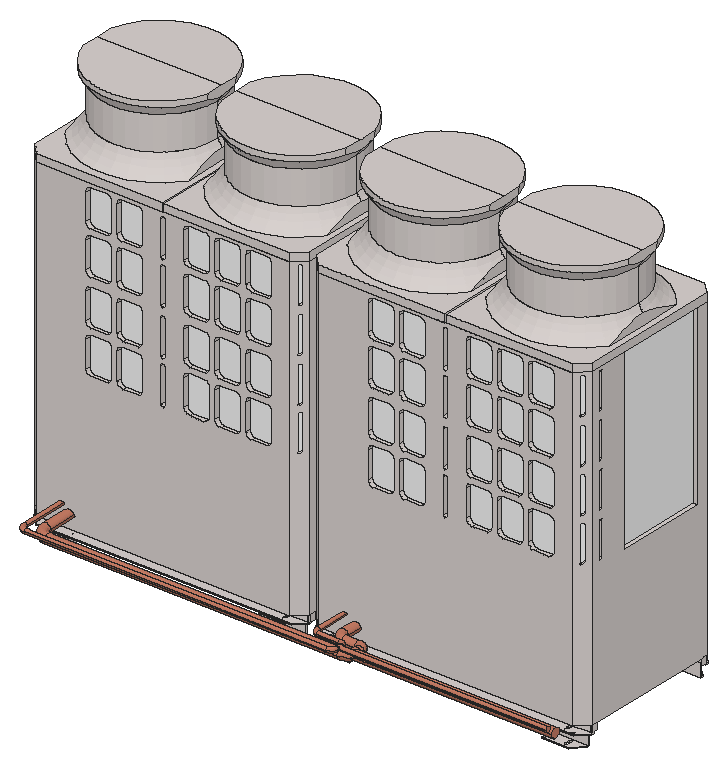
Revit family "PUHY-P850YSNW-A1", category Mechanical Equipment, Revit 2016 (continued)
Definition of nested family "PUHY-P450YNW-A1"
  Dimensions and locks
    cut or joined group 1 (Extrusion 1, Extrusion 2, Extrusion 3, Extrusion 4, Extrusion 5, Extrusion 6, Extrusion 7, Extrusion 8, Extrusion 9, Extrusion 10, Extrusion 11, Extrusion 12, Extrusion 13, Extrusion 14, Extrusion 15, Extrusion 16, Extrusion 17, Extrusion 18, Extrusion 19, Extrusion 20, Extrusion 21, Extrusion 22, Extrusion 23, Extrusion 24, Extrusion 25, Extrusion 26, Extrusion 27, Extrusion 28, Extrusion 29, Extrusion 30, Extrusion 31, Extrusion 32, Extrusion 33) to plane 12 to cut or joined group 1 = 805.000 mm, 621.000 mm
    plane 5 to plane 2 = 1858.000 mm  (x2)
    cut or joined group 1 to plane 19 "132" = 132.000 mm
    cut or joined group 1 to plane 22 = 207.000 mm
    cut or joined group 1 to plane 23 = 256.000 mm
    cut or joined group 1 to plane 6 = 60.000 mm
    cut or joined group 1 to cut or joined group 1 = 42.154 mm
    cut or joined group 1 to cut or joined group 1 = 11.895 mm
    nested 1 to nested 3 to level = 1798.000 mm, 60.000 mm
    nested 1 to nested 1 = 303.000 mm
    nested 1 to nested 3 = 1495.000 mm
    nested 8 to nested 8 to nested 8 to nested 7 to nested 7 to nested 7 = 54.000 mm, 20.000 mm, 592.000 mm, 20.000 mm, 54.000 mm
    nested 3 to nested 3 = 56.000 mm
    plane 11 to plane 31 to plane 32 to cut or joined group 1 = 90.000 mm, 1060.000 mm, 90.000 mm
    curve 103 to nested 7 = 90.000 mm
    curve 104 to nested 7 = 125.000 mm
    curve 101 to nested 7 = 100.000 mm
    curve 11 to curve 13 to nested 7 = 84.000 mm, 71.000 mm
    cut or joined group 1 to curve 12 to curve 14 = 125.000 mm, 148.000 mm
    nested 2 to nested 7 = 1495.000 mm
    curve 87 to cut or joined group 1 = 152.000 mm
    curve 88 to cut or joined group 1 = 172.000 mm
    curve 89 to cut or joined group 1 = 216.000 mm
    cut or joined group 1 to curve 4 to curve 2 = 128.000 mm, 150.000 mm
    cut or joined group 1 to curve 1 to curve 3 = 79.000 mm, 94.000 mm
    Extrusion 32 sketch curve to nested 7 = 116.000 mm
    cut or joined group 1 to Extrusion 32 sketch curve = 160.000 mm
    cut or joined group 1 to Extrusion 33 sketch curve = 243.000 mm
    Extrusion 33 sketch curve to nested 7 = 116.000 mm
    aligned and locked: level to plane 2
    aligned and locked: Extrusion 1 to plane 4
  Nested families
    nested 1: "FAN GUARD" at (-311.5, 2, 860), type "FAN GUARD"
      with WIDTH 870.000 mm
    nested 2: "FAN GUARD" at (311.5, 2, 860) x (-1, 0, 0) z (0, 0, 1), type "FAN GUARD"
      with WIDTH 870.000 mm
    nested 3: "ATTACHMENT LEG" at (-524, -349, 0), type "ATTACHMENT LEG"
    nested 4: "ATTACHMENT LEG" at (-524, 349, 0), type "ATTACHMENT LEG"
    nested 5: "ATTACHMENT LEG" at (524, -349, 0) x (-1, 0, 0) z (0, 0, 1), type "ATTACHMENT LEG"
    nested 6: "ATTACHMENT LEG" at (524, 349, 0) x (-1, 0, 0) z (0, 0, 1), type "ATTACHMENT LEG"
    nested 7: "BASE LEG_L_" at (0, -352, 60), type "BASE LEG_L_"
      with Width 1240.000 mm
    nested 8: "BASE LEG_L_" at (0, 352, 60), type "BASE LEG_L_"
      with Width 1240.000 mm
  Connectors
    piping at (-460, -191, 176), diameter 25.4, driven by "Liquid pipe_radius"
      settings: on cut or joined group 1, index 3, connector inside diameter 25.4 mm, connector length 0.000 mm, flow factor 0, pipe flow 0.0 L/s, pressure drop 0.0 Pa, fitting loss kfactor 0, connector angle 0.00°, fixture units 0, engagement length 0.000 mm, angle of deflection 0.00°, flow configuration 0, flow direction 0, fitting loss method 0, system type 22, joint type 0, gender type 0, connector reference index -1, connector utility 0, adjustable connector no, is connector primary yes, connector description "Refrigerant service valve<Liquid pipe>"
    piping at (-377, -191, 176), diameter 28.58, driven by "Gas pipe_radius"
      settings: on cut or joined group 1, index 4, connector inside diameter 28.58 mm, connector length 0.000 mm, flow factor 0, pipe flow 0.0 L/s, pressure drop 0.0 Pa, fitting loss kfactor 0, connector angle 0.00°, fixture units 0, engagement length 0.000 mm, angle of deflection 0.00°, flow configuration 0, flow direction 0, fitting loss method 0, system type 22, joint type 0, gender type 0, connector reference index -1, connector utility 0, adjustable connector no, is connector primary no, connector description "Refrigerant service valve<Gas>"
    electrical at (0, -370, 808)
      settings: on cut or joined group 1, index 5, voltage 0 V, apparent load 0 VA, apparent load phase1 0 VA, apparent load phase2 0 VA, apparent load phase3 0 VA, power factor 1, load classification none, number of poles 1, system type 30, power factor state 1, is connector primary yes, connector utility no, sub classification motor no, connector description ""
  Definition of nested family "FAN GUARD"
    Parameters
      WIDTH [instance] = 870.000 mm
    Reference planes
      plane 1 "中心(正面/背面)": y = -2
      plane 2: z = 0
      plane 3 "ファンガード基準面": z = 661
      plane 4: y = 368
      plane 5: x = 366
      plane 6: x = -375
      plane 7 "ファンガード基準上面": z = 695
      plane 8 "ファンガード上面": z = 998
      plane 9: x = -273.971
      plane 10: x = 308.5
      plane 11: x = -308.5
      plane 12: x = 0
    Forms (mm)
      Extrusion 1, solid
        sketch origin (85, 0, 661) x (-1, 0, 0) y (0, -1, 0)
          loop
            line (343.5, -368) -> (393.5, -318) -> (393.5, 322) -> (343.5, 372) -> (-223.5, 372) -> (-223.5, -368) -> (343.5, -368)
        from 0 to 34
      Revolve 2, solid
        sketch origin (0, -2, 0) x (1, 0, 0) y (0, 0, 1)
          loop
            line (0, 695) -> (0, 998) -> (-290, 998) -> (-290, 972.327) -> (-260, 928.372) -> (-260, 777.384)
            arc (-260, 777.384) -> (-290.651, 730.137) -> (-334.665, 695) r 175.882
            line (-334.665, 695) -> (0, 695)
          axis (0, 998) -> (0, 695)
        angle from 0 to 360
      Extrusion 3, void
        sketch origin (-840, 75, 695) x (-1, 0, 0) y (0, -1, 0)
          loop
            line (-410, -165) -> (-410, 315) -> (-561.253, 315) -> (-561.253, -165) -> (-410, -165)
        from -35 to 430.592
      Extrusion 4, void
        sketch origin (840, 75, 695) x (1, 0, 0) y (0, 1, 0)
          loop
            line (-410, 165) -> (-561.253, 165) -> (-561.253, -315) -> (-410, -315) -> (-410, 165)
        from 0 to 430.592
    Cuts and joins
      Extrusion 3, Extrusion 4 cuts Revolve 2
      Extrusion 4 cuts Extrusion 1
    Lines and regions (mm)
      model lines
        curve 1: line (-278.747, 0, 998) -> (-80, 0, 998)
        curve 2: line (80, 0, 998) -> (278.747, 0, 998)
        curve 3: circle (0, 0, 998) r 80 normal (0, 0, 1)
        curve 4: line (-278.747, -80, 998) -> (278.747, -80, 998)
        curve 5: line (-241.868, -160, 998) -> (241.868, -160, 998)
        curve 6: line (-162.788, -240, 998) -> (162.788, -240, 998)
        curve 7: line (-278.747, 80, 998) -> (278.747, 80, 998)
        curve 8: line (-241.868, 160, 998) -> (240, 160, 998)
        curve 9: line (-160, 240, 998) -> (162.788, 240, 998)
        curve 10: line (0, 290, 998) -> (0, -290, 998)
        curve 11: line (-20, 289.31, 998) -> (-20, -289.31, 998)
        curve 12: line (-40, 287.228, 998) -> (-40, -287.228, 998)
        curve 13: line (-60, 283.725, 998) -> (-60, -283.725, 998)
        curve 14: line (-80, 278.747, 998) -> (-80, -278.747, 998)
        curve 15: line (20, 289.31, 998) -> (20, -289.31, 998)
        curve 16: line (40, 287.228, 998) -> (40, -287.228, 998)
        curve 17: line (60, 283.725, 998) -> (60, -283.725, 998)
        curve 18: line (80, 278.747, 998) -> (80, -278.747, 998)
        curve 19: line (100, 272.213, 998) -> (100, -272.213, 998)
        curve 20: line (120, 264.008, 998) -> (120, -264.008, 998)
        curve 21: line (140, 253.969, 998) -> (140, -253.969, 998)
        curve 22: line (160, 241.868, 998) -> (160, -243.132, 998)
        curve 23: line (180, 227.376, 998) -> (180, -227.624, 998)
        curve 24: line (200, 210, 998) -> (200, -210, 998)
        curve 25: line (220, 188.944, 998) -> (220, -188.944, 998)
        curve 26: line (240, 160, 998) -> (240, -162.788, 998)
        curve 27: line (260, 128.452, 998) -> (260, -128.452, 998)
        curve 28: line (-100, 272.213, 998) -> (-100, -272.213, 998)
        curve 29: line (-120, 264.008, 998) -> (-120, -264.008, 998)
        curve 30: line (-140, 253.969, 998) -> (-140, -253.969, 998)
        curve 31: line (-160, 240, 998) -> (-160, -241.868, 998)
        curve 32: line (-180, 227.376, 998) -> (-180, -227.376, 998)
        curve 33: line (-200, 210, 998) -> (-200, -210, 998)
        curve 34: line (-220, 188.944, 998) -> (-220, -188.944, 998)
        curve 35: line (-240, 162.788, 998) -> (-240, -162.788, 998)
        curve 36: line (-260, 128.452, 998) -> (-260, -128.452, 998)
        curve 37: line (10, 79.373, 998) -> (10, -79.373, 998)
        curve 38: line (-10, 79.373, 998) -> (-10, -79.373, 998)
        curve 39: line (30, 74.162, 998) -> (30, -74.162, 998)
        curve 40: line (50, 62.45, 998) -> (50, -62.45, 998)
        curve 41: line (70, 38.73, 998) -> (70, -38.73, 998)
        curve 42: line (-30, 74.162, 998) -> (-30, -74.162, 998)
        curve 43: line (-50, 62.45, 998) -> (-50, -62.45, 998)
        curve 44: line (-70, 38.73, 998) -> (-70, -38.73, 998)
    Dimensions and locks
      locked: plane 8 "ファンガード上面" to plane 7 "ファンガード基準上面" at 303
      plane 8 "ファンガード上面" to plane 3 "ファンガード基準面" = 337.000 mm
      Revolve 2 sketch curve to Revolve 2 sketch curve = 290.000 mm
      Extrusion 1 sketch curve to Extrusion 1 sketch curve = 740.000 mm
      equal spacing: Extrusion 1 sketch curve, plane 1 "中心(正面/背面)", Extrusion 1 sketch curve
      plane 6 to plane 5 = 741.000 mm
      Extrusion 1 sketch curve to Extrusion 1 sketch curve = 617.000 mm
      plane 11 to plane 10 = 617.000 mm
      cut or joined group of Extrusion 1, Extrusion 4 to cut or joined group of Extrusion 1, Extrusion 4 = 617.000 mm
      cut or joined group of Extrusion 1, Extrusion 4 to cut or joined group of Extrusion 1, Extrusion 4 = 740.000 mm
      aligned and locked: level to plane 2
      aligned and locked: plane 7 "ファンガード基準上面" to Extrusion 1
      aligned and locked: plane 3 "ファンガード基準面" to Extrusion 1
      aligned and locked: cut or joined group of Revolve 2, Extrusion 3, Extrusion 4 to plane 8 "ファンガード上面"
  Definition of nested family "ATTACHMENT LEG"
    Parameters
      Width = 145.000 mm
    Reference planes
      plane 1: z = 0
      plane 2 "中心(左/右)": x = -6
      plane 3: x = -52
      plane 4: x = 85
      plane 5: x = 93
      plane 6: y = -21
      plane 7: y = 27
      plane 8: x = -30
      plane 9: y = 39
      plane 10: z = 60
      plane 11: z = 57
      plane 12: z = 3
      plane 13: x = 82
      plane 14: y = 36
      plane 15: x = -75
      plane 16: y = 31
      plane 17 "幅": x = 93
      plane 18: y = 2.5
      plane 19: y = 21
      plane 20: y = -10
    Forms (mm)
      Extrusion 1, solid
        sketch origin (0, -1, 0) x (1, 0, 0) y (0, 1, 0)
          loop
            line (-75, 36) -> (-75, 27) -> (-28, -20) -> (93, -20) -> (93, 32) -> (85, 32) -> (85, 36) -> (-75, 36)
        from 0 to 60
      Extrusion 2, void
        sketch origin (0, -3, 0) x (1, 0, 0) y (0, 0, 1)
          loop
            line (-75, 57) -> (-75, 3) -> (82, 3) -> (82, 57) -> (-75, 57)
          loop
            line (93, 57) -> (85, 57) -> (85, 3) -> (93, 3) -> (93, 57)
        from -35 to 18
      Extrusion 3, void
        sketch origin (-6, 5.5, 0) x (1, 0, 0) y (0, 1, 0)
          loop
            arc (-7, -8.5) -> (0, -15.5) -> (7, -8.5) r 7
            line (7, -8.5) -> (7, 8.5)
            arc (7, 8.5) -> (0, 15.5) -> (-7, 8.5) r 7
            line (-7, 8.5) -> (-7, -8.5)
        from 0 to 60
    Cuts and joins
      Extrusion 2, Extrusion 3 cuts Extrusion 1
    Dimensions and locks
      locked: plane 3 to plane 4 at 137
      locked: plane 3 to plane 5 at 145
      plane 6 to plane 7 = 48.000 mm
      locked: plane 10 to level at 60
      Extrusion 3 sketch curve to plane 2 "中心(左/右)" = 7.000 mm
      locked: plane 15 to plane 2 "中心(左/右)" at 69
      locked: plane 15 to plane 8 at 45
      locked: plane 6 to plane 18 at 23.5
      cut or joined group of Extrusion 1, Extrusion 2, Extrusion 3 to cut or joined group of Extrusion 1, Extrusion 2, Extrusion 3 = 168.000 mm
      cut or joined group of Extrusion 1, Extrusion 2, Extrusion 3 to cut or joined group of Extrusion 1, Extrusion 2, Extrusion 3 = 56.000 mm  (x2)
      plane 14 to plane 6 = 57.000 mm
      aligned and locked: level to plane 1
      aligned and locked: Extrusion 1 sketch curve to plane 4
      aligned and locked: Extrusion 1 sketch curve to plane 5
      aligned: plane 8 to Extrusion 1 sketch curve
      aligned and locked: plane 10 to Extrusion 1
      aligned and locked: Extrusion 2 sketch curve to plane 11
      aligned: plane 3 to Extrusion 2 sketch curve
      aligned and locked: plane 12 to Extrusion 2 sketch curve
      aligned and locked: Extrusion 2 sketch curve to plane 13
      aligned and locked: plane 6 to Extrusion 2
      aligned and locked: plane 11 to Extrusion 2 sketch curve
      aligned and locked: plane 5 to Extrusion 2 sketch curve
      aligned and locked: Extrusion 2 sketch curve to plane 12
      aligned and locked: Extrusion 2 sketch curve to plane 4
      aligned and locked: plane 15 to Extrusion 1 sketch curve
      aligned and locked: Extrusion 2 sketch curve to cut or joined group of Extrusion 1, Extrusion 2, Extrusion 3
      aligned and locked: Extrusion 1 to plane 16
  Definition of nested family "BASE LEG_L_"
    Parameters
      Width [instance] = 1240.000 mm
    Reference planes
      plane 1 "中心(正面/背面)": y = 0
      plane 2: z = 0
      plane 3 "中心(左/右)": x = 0
      plane 4: x = 620
      plane 5: x = -620
      plane 6: x = -530
      plane 7: x = 530
      plane 8: y = -18
      plane 9: y = 39
      plane 10: z = 53
      plane 11: y = 42
      plane 12: y = 27
      plane 13: x = 575
      plane 14: x = -575
      plane 15: z = 8
      plane 16: y = 11.5
      plane 17: z = 35
    Forms (mm)
      Extrusion 1, solid
        sketch origin (0, 0, 0) x (0, 1, 0) y (0, 0, 1)
          loop
            line (-18, 0) -> (36, 0) -> (36, 32) -> (56, 32) -> (56, 35) -> (33, 35) -> (33, 3) -> (-18, 3) -> (-18, 0)
        from -620 to 620
      Extrusion 2, void
        sketch origin (0, 0, 0) x (1, 0, 0) y (0, 1, 0)
          loop
            line (575, -18) -> (620, -18) -> (620, 27) -> (575, -18)
          loop
            line (-575, -18) -> (-620, 27) -> (-620, -18) -> (-575, -18)
        from 0 to 250
      Extrusion 3, void
        sketch origin (0, 12.023, 0) x (1, 0, 0) y (0, 1, 0)
          loop
            arc (523, -2.971) -> (530, -9.971) -> (537, -2.971) r 7
            line (537, -2.971) -> (537, 3.023)
            arc (537, 3.023) -> (530, 10.023) -> (523, 3.023) r 7
            line (523, 3.023) -> (523, -2.971)
          loop
            line (-523, -2.971) -> (-523, 3.023)
            arc (-523, 3.023) -> (-530, 10.023) -> (-537, 3.023) r 7
            line (-537, 3.023) -> (-537, -2.971)
            arc (-537, -2.971) -> (-530, -9.971) -> (-523, -2.971) r 7
        from 0 to 250
      Extrusion 4, solid
        sketch origin (0, 0, -3) x (1, 0, 0) y (0, 0, 1)
          loop
            line (617, 8) -> (620, 8) -> (620, 35) -> (617, 35) -> (617, 8)
          loop
            line (-617, 8) -> (-617, 35) -> (-620, 35) -> (-620, 8) -> (-617, 8)
        from -36 to -56
      Extrusion 5, solid
        sketch origin (150, 352, 0) x (1, 0, 0) y (0, 1, 0)
          loop
            line (460, -319) -> (455, -319) -> (455, -320) -> (405, -370) -> (410, -370) -> (460, -320) -> (460, -319)
        from 3 to 35
      Extrusion 6, void
        sketch origin (560, -18, 0) x (0.707107, 0.707107, 0) y (0, 0, 1)
          loop
            line (70.711, 3) -> (-6.741, 39.767) -> (-6.741, 3) -> (70.711, 3)
        from -190.256 to 23.776
      Extrusion 7, solid
        sketch origin (-150, 352, 0) x (-1, 0, 0) y (0, -1, 0)
          loop
            line (460, 319) -> (460, 320) -> (410, 370) -> (405, 370) -> (455, 320) -> (455, 319) -> (460, 319)
        from 3 to 35
      Extrusion 8, void
        sketch origin (-560, -18, 0) x (0.707107, -0.707107, 0) y (0, 0, -1)
          loop
            line (-70.711, -3) -> (0, -35) -> (6.741, -35) -> (6.741, -3) -> (-70.711, -3)
        from -190.256 to 23.776
    Cuts and joins
      Extrusion 2, Extrusion 3 cuts Extrusion 1
      joined: Extrusion 1, Extrusion 4
      Extrusion 8 cuts Extrusion 7
      Extrusion 6 cuts Extrusion 5
    Dimensions and locks
      "Width": plane 5 to plane 4
      equal spacing: plane 5, plane 3 "中心(左/右)", plane 4
      locked: plane 5 to plane 6 at 90
      locked: plane 7 to plane 4 at 90
      locked: plane 8 to plane 9 at 57
      locked: plane 10 to level at 53
      locked: plane 9 to plane 11 at 3
      plane 8 to plane 12 = 45.000 mm
      locked: plane 13 to plane 4 at 45
      locked: plane 5 to plane 14 at 45
      equal spacing: Extrusion 3 sketch curve, plane 7, Extrusion 3 sketch curve
      equal spacing: Extrusion 3 sketch curve, plane 6, Extrusion 3 sketch curve
      locked: plane 10 to plane 15 at 45
      locked: cut or joined group of Extrusion 1, Extrusion 2, Extrusion 3, Extrusion 4 to Extrusion 4 sketch curve at 3  (x2)
      locked: plane 8 to plane 16 at 29.5
      plane 8 to plane 11 = 60.000 mm
      cut or joined group of Extrusion 1, Extrusion 2, Extrusion 3, Extrusion 4 to cut or joined group of Extrusion 1, Extrusion 2, Extrusion 3, Extrusion 4 = 35.000 mm
      aligned and locked: level to plane 2
      aligned and locked: plane 8 to Extrusion 1 sketch curve
      aligned and locked: plane 4 to Extrusion 1
      aligned and locked: Extrusion 1 to plane 5
      aligned and locked: Extrusion 2 sketch curve to plane 4
      aligned and locked: Extrusion 2 sketch curve to plane 8
      aligned and locked: plane 12 to Extrusion 2 sketch curve
      aligned and locked: plane 13 to Extrusion 2 sketch curve
      aligned and locked: plane 4 to Extrusion 4 sketch curve
      aligned and locked: plane 5 to Extrusion 4 sketch curve
      aligned and locked: cut or joined group of Extrusion 7, Extrusion 8 to cut or joined group of Extrusion 1, Extrusion 2, Extrusion 3, Extrusion 4
    Automatic sketch dimensions
      Extrusion 3 sketch curve to plane 1 "中心(正面/背面)" = 9.052 mm  (x2)
      Extrusion 3 sketch curve to plane 7 = 7.000 mm
      Extrusion 3 sketch curve to plane 1 "中心(正面/背面)" = 15.046 mm  (x2)
      Extrusion 3 sketch curve to plane 6 = 7.000 mm
      Extrusion 2 sketch curve to plane 5 = 0.000 mm
      plane 8 to Extrusion 2 sketch curve = 0.000 mm
      Extrusion 2 sketch curve to plane 14 = 0.000 mm
      plane 12 to Extrusion 2 sketch curve = 0.000 mm
      Extrusion 4 sketch curve to plane 10 = 21.000 mm
      plane 7 to Extrusion 5 sketch curve = 25.000 mm
      Extrusion 5 sketch curve to Extrusion 5 sketch curve = 5.000 mm  (x2)
      plane 7 to Extrusion 5 sketch curve = 75.000 mm
      plane 8 to Extrusion 5 sketch curve = 0.000 mm
      Extrusion 5 sketch curve to Extrusion 5 sketch curve = 50.000 mm
      Extrusion 5 sketch curve to Extrusion 5 sketch curve = 0.000 mm
      Extrusion 5 sketch curve to Extrusion 5 sketch curve = 1.000 mm
      Extrusion 6 sketch curve to Extrusion 5 = 0.000 mm  (x2)
      Extrusion 6 sketch curve to Extrusion 5 = 6.741 mm
      Extrusion 6 sketch curve to Extrusion 5 = 4.767 mm
      plane 6 to Extrusion 7 sketch curve = 25.000 mm
      Extrusion 7 sketch curve to Extrusion 7 sketch curve = 5.000 mm  (x2)
      Extrusion 7 sketch curve to Extrusion 7 sketch curve = 45.000 mm
      Extrusion 7 sketch curve to plane 8 = 0.000 mm
      Extrusion 7 sketch curve to Extrusion 7 sketch curve = 50.000 mm
      Extrusion 7 sketch curve to Extrusion 7 sketch curve = 0.000 mm
      Extrusion 7 sketch curve to Extrusion 7 sketch curve = 1.000 mm
      Extrusion 8 sketch curve to Extrusion 7 = 0.000 mm  (x2)
      Extrusion 7 to Extrusion 8 sketch curve = 0.000 mm  (x2)
      Extrusion 7 to Extrusion 8 sketch curve = 6.741 mm
      Extrusion 4 sketch curve to plane 17 = 3.000 mm
      Extrusion 4 sketch curve to plane 15 = 3.000 mm  (x2)
      Extrusion 1 sketch curve to plane 17 = 0.000 mm
      Extrusion 1 sketch curve to level = 0.000 mm
      level to Extrusion 1 sketch curve = 3.000 mm
      plane 9 to Extrusion 1 sketch curve = 6.000 mm
      plane 9 to Extrusion 1 sketch curve = 3.000 mm
      Extrusion 1 sketch curve to plane 17 = 3.000 mm
      Extrusion 1 sketch curve to plane 11 = 14.000 mm
Definition of nested family "PUHY-P400YNW-A1"
  Parameters
    Model = "PUHY-P350YNW-A"
    URL = "http://www.mitsubishielectric.com/"
    Manufacturer = "Mitsubishi Electric Corporation"
    Liquid pipe_radius = 12.700 mm
    Gas pipe_radius = 14.290 mm
  Reference planes
    plane 1 "Center (Front/Back)": y = 0
    plane 2: z = 0
    plane 3 "Center (Left/Right)": x = 0
    plane 4: y = 370
    plane 5: z = 1858
    plane 6: y = -260
    plane 7: y = -204
    plane 8: y = -185
    plane 9: x = -620
    plane 10: x = 620
    plane 11: x = -620
    plane 12: z = 716
    plane 13: x = -524
    plane 14: z = 669
    plane 15: x = -50.5
    plane 16: x = 51
    plane 17: x = 489
    plane 18: x = 467
    plane 19 "132": x = 488
    plane 20 "100": z = 160
    plane 21: z = 185
    plane 22: x = 413
    plane 23: x = 364
    plane 24: z = 150
    plane 25: x = -287.25
    plane 26: x = -137.25
    plane 27: x = -272.25
    plane 28: y = -278
    plane 29: z = 1509
    plane 30: y = -370
    plane 31: x = -530
    plane 32: x = 530
    plane 33 "179": y = -191
  Forms (mm)
    Extrusion 1, solid
      sketch origin (-1, 0, 113) x (-1, 0, 0) y (0, -1, 0)
        loop
          line (569, -370) -> (619, -320) -> (619, 320) -> (569, 370) -> (-571, 370) -> (-621, 320) -> (-621, -320) -> (-571, -370) -> (569, -370)
      from -18 to 1408
    Extrusion 2, void
      sketch origin (524, -370, 113) x (1, 0, 0) y (0, 0, -1)
        loop
          arc (-60.8, -1393.5) -> (-42.557, -1385.943) -> (-35, -1367.7) r 25.8
          line (-35, -1367.7) -> (-35, -1248.5)
          arc (-35, -1248.5) -> (-42.557, -1230.257) -> (-60.8, -1222.7) r 25.8
          line (-60.8, -1222.7) -> (-126, -1222.7)
          arc (-126, -1222.7) -> (-144.243, -1230.257) -> (-151.8, -1248.5) r 25.8
          line (-151.8, -1248.5) -> (-151.8, -1367.7)
          arc (-151.8, -1367.7) -> (-144.243, -1385.943) -> (-126, -1393.5) r 25.8
          line (-126, -1393.5) -> (-60.8, -1393.5)
      from 0 to 20
    Extrusion 3, void
      sketch origin (524, -370, -81) x (1, 0, 0) y (0, 0, -1)
        loop
          arc (-60.8, -1393.5) -> (-42.557, -1385.943) -> (-35, -1367.7) r 25.8
          line (-35, -1367.7) -> (-35, -1248.5)
          arc (-35, -1248.5) -> (-42.557, -1230.257) -> (-60.8, -1222.7) r 25.8
          line (-60.8, -1222.7) -> (-126, -1222.7)
          arc (-126, -1222.7) -> (-144.243, -1230.257) -> (-151.8, -1248.5) r 25.8
          line (-151.8, -1248.5) -> (-151.8, -1367.7)
          arc (-151.8, -1367.7) -> (-144.243, -1385.943) -> (-126, -1393.5) r 25.8
          line (-126, -1393.5) -> (-60.8, -1393.5)
      from 0 to 20
    Extrusion 4, void
      sketch origin (524, -370, -287) x (1, 0, 0) y (0, 0, -1)
        loop
          arc (-60.8, -1393.5) -> (-42.557, -1385.943) -> (-35, -1367.7) r 25.8
          line (-35, -1367.7) -> (-35, -1248.5)
          arc (-35, -1248.5) -> (-42.557, -1230.257) -> (-60.8, -1222.7) r 25.8
          line (-60.8, -1222.7) -> (-126, -1222.7)
          arc (-126, -1222.7) -> (-144.243, -1230.257) -> (-151.8, -1248.5) r 25.8
          line (-151.8, -1248.5) -> (-151.8, -1367.7)
          arc (-151.8, -1367.7) -> (-144.243, -1385.943) -> (-126, -1393.5) r 25.8
          line (-126, -1393.5) -> (-60.8, -1393.5)
      from 0 to 20
    Extrusion 5, void
      sketch origin (524, -370, -481) x (1, 0, 0) y (0, 0, -1)
        loop
          arc (-60.8, -1393.5) -> (-42.557, -1385.943) -> (-35, -1367.7) r 25.8
          line (-35, -1367.7) -> (-35, -1248.5)
          arc (-35, -1248.5) -> (-42.557, -1230.257) -> (-60.8, -1222.7) r 25.8
          line (-60.8, -1222.7) -> (-126, -1222.7)
          arc (-126, -1222.7) -> (-144.243, -1230.257) -> (-151.8, -1248.5) r 25.8
          line (-151.8, -1248.5) -> (-151.8, -1367.7)
          arc (-151.8, -1367.7) -> (-144.243, -1385.943) -> (-126, -1393.5) r 25.8
          line (-126, -1393.5) -> (-60.8, -1393.5)
      from 0 to 20
    Extrusion 6, void
      sketch origin (384, -370, 113) x (1, 0, 0) y (0, 0, -1)
        loop
          arc (-60.8, -1393.5) -> (-42.557, -1385.943) -> (-35, -1367.7) r 25.8
          line (-35, -1367.7) -> (-35, -1248.5)
          arc (-35, -1248.5) -> (-42.557, -1230.257) -> (-60.8, -1222.7) r 25.8
          line (-60.8, -1222.7) -> (-126, -1222.7)
          arc (-126, -1222.7) -> (-144.243, -1230.257) -> (-151.8, -1248.5) r 25.8
          line (-151.8, -1248.5) -> (-151.8, -1367.7)
          arc (-151.8, -1367.7) -> (-144.243, -1385.943) -> (-126, -1393.5) r 25.8
          line (-126, -1393.5) -> (-60.8, -1393.5)
      from 0 to 20
    Extrusion 7, void
      sketch origin (384, -370, -81) x (1, 0, 0) y (0, 0, -1)
        loop
          arc (-60.8, -1393.5) -> (-42.557, -1385.943) -> (-35, -1367.7) r 25.8
          line (-35, -1367.7) -> (-35, -1248.5)
          arc (-35, -1248.5) -> (-42.557, -1230.257) -> (-60.8, -1222.7) r 25.8
          line (-60.8, -1222.7) -> (-126, -1222.7)
          arc (-126, -1222.7) -> (-144.243, -1230.257) -> (-151.8, -1248.5) r 25.8
          line (-151.8, -1248.5) -> (-151.8, -1367.7)
          arc (-151.8, -1367.7) -> (-144.243, -1385.943) -> (-126, -1393.5) r 25.8
          line (-126, -1393.5) -> (-60.8, -1393.5)
      from 0 to 20
    Extrusion 8, void
      sketch origin (384, -370, -287) x (1, 0, 0) y (0, 0, -1)
        loop
          arc (-60.8, -1393.5) -> (-42.557, -1385.943) -> (-35, -1367.7) r 25.8
          line (-35, -1367.7) -> (-35, -1248.5)
          arc (-35, -1248.5) -> (-42.557, -1230.257) -> (-60.8, -1222.7) r 25.8
          line (-60.8, -1222.7) -> (-126, -1222.7)
          arc (-126, -1222.7) -> (-144.243, -1230.257) -> (-151.8, -1248.5) r 25.8
          line (-151.8, -1248.5) -> (-151.8, -1367.7)
          arc (-151.8, -1367.7) -> (-144.243, -1385.943) -> (-126, -1393.5) r 25.8
          line (-126, -1393.5) -> (-60.8, -1393.5)
      from 0 to 20
    Extrusion 9, void
      sketch origin (384, -370, -481) x (1, 0, 0) y (0, 0, -1)
        loop
          arc (-60.8, -1393.5) -> (-42.557, -1385.943) -> (-35, -1367.7) r 25.8
          line (-35, -1367.7) -> (-35, -1248.5)
          arc (-35, -1248.5) -> (-42.557, -1230.257) -> (-60.8, -1222.7) r 25.8
          line (-60.8, -1222.7) -> (-126, -1222.7)
          arc (-126, -1222.7) -> (-144.243, -1230.257) -> (-151.8, -1248.5) r 25.8
          line (-151.8, -1248.5) -> (-151.8, -1367.7)
          arc (-151.8, -1367.7) -> (-144.243, -1385.943) -> (-126, -1393.5) r 25.8
          line (-126, -1393.5) -> (-60.8, -1393.5)
      from 0 to 20
    Extrusion 10, void
      sketch origin (244, -370, 113) x (1, 0, 0) y (0, 0, -1)
        loop
          arc (-60.8, -1393.5) -> (-42.557, -1385.943) -> (-35, -1367.7) r 25.8
          line (-35, -1367.7) -> (-35, -1248.5)
          arc (-35, -1248.5) -> (-42.557, -1230.257) -> (-60.8, -1222.7) r 25.8
          line (-60.8, -1222.7) -> (-126, -1222.7)
          arc (-126, -1222.7) -> (-144.243, -1230.257) -> (-151.8, -1248.5) r 25.8
          line (-151.8, -1248.5) -> (-151.8, -1367.7)
          arc (-151.8, -1367.7) -> (-144.243, -1385.943) -> (-126, -1393.5) r 25.8
          line (-126, -1393.5) -> (-60.8, -1393.5)
      from 0 to 20
    Extrusion 11, void
      sketch origin (244, -370, -81) x (1, 0, 0) y (0, 0, -1)
        loop
          arc (-60.8, -1393.5) -> (-42.557, -1385.943) -> (-35, -1367.7) r 25.8
          line (-35, -1367.7) -> (-35, -1248.5)
          arc (-35, -1248.5) -> (-42.557, -1230.257) -> (-60.8, -1222.7) r 25.8
          line (-60.8, -1222.7) -> (-126, -1222.7)
          arc (-126, -1222.7) -> (-144.243, -1230.257) -> (-151.8, -1248.5) r 25.8
          line (-151.8, -1248.5) -> (-151.8, -1367.7)
          arc (-151.8, -1367.7) -> (-144.243, -1385.943) -> (-126, -1393.5) r 25.8
          line (-126, -1393.5) -> (-60.8, -1393.5)
      from 0 to 20
    Extrusion 12, void
      sketch origin (244, -370, -287) x (1, 0, 0) y (0, 0, -1)
        loop
          arc (-60.8, -1393.5) -> (-42.557, -1385.943) -> (-35, -1367.7) r 25.8
          line (-35, -1367.7) -> (-35, -1248.5)
          arc (-35, -1248.5) -> (-42.557, -1230.257) -> (-60.8, -1222.7) r 25.8
          line (-60.8, -1222.7) -> (-126, -1222.7)
          arc (-126, -1222.7) -> (-144.243, -1230.257) -> (-151.8, -1248.5) r 25.8
          line (-151.8, -1248.5) -> (-151.8, -1367.7)
          arc (-151.8, -1367.7) -> (-144.243, -1385.943) -> (-126, -1393.5) r 25.8
          line (-126, -1393.5) -> (-60.8, -1393.5)
      from 0 to 20
    Extrusion 13, void
      sketch origin (244, -370, -481) x (1, 0, 0) y (0, 0, -1)
        loop
          arc (-60.8, -1393.5) -> (-42.557, -1385.943) -> (-35, -1367.7) r 25.8
          line (-35, -1367.7) -> (-35, -1248.5)
          arc (-35, -1248.5) -> (-42.557, -1230.257) -> (-60.8, -1222.7) r 25.8
          line (-60.8, -1222.7) -> (-126, -1222.7)
          arc (-126, -1222.7) -> (-144.243, -1230.257) -> (-151.8, -1248.5) r 25.8
          line (-151.8, -1248.5) -> (-151.8, -1367.7)
          arc (-151.8, -1367.7) -> (-144.243, -1385.943) -> (-126, -1393.5) r 25.8
          line (-126, -1393.5) -> (-60.8, -1393.5)
      from 0 to 20
    Extrusion 14, void
      sketch origin (-56, -370, 113) x (1, 0, 0) y (0, 0, -1)
        loop
          arc (-60.8, -1393.5) -> (-42.557, -1385.943) -> (-35, -1367.7) r 25.8
          line (-35, -1367.7) -> (-35, -1248.5)
          arc (-35, -1248.5) -> (-42.557, -1230.257) -> (-60.8, -1222.7) r 25.8
          line (-60.8, -1222.7) -> (-126, -1222.7)
          arc (-126, -1222.7) -> (-144.243, -1230.257) -> (-151.8, -1248.5) r 25.8
          line (-151.8, -1248.5) -> (-151.8, -1367.7)
          arc (-151.8, -1367.7) -> (-144.243, -1385.943) -> (-126, -1393.5) r 25.8
          line (-126, -1393.5) -> (-60.8, -1393.5)
      from 0 to 20
    Extrusion 15, void
      sketch origin (-56, -370, -81) x (1, 0, 0) y (0, 0, -1)
        loop
          arc (-60.8, -1393.5) -> (-42.557, -1385.943) -> (-35, -1367.7) r 25.8
          line (-35, -1367.7) -> (-35, -1248.5)
          arc (-35, -1248.5) -> (-42.557, -1230.257) -> (-60.8, -1222.7) r 25.8
          line (-60.8, -1222.7) -> (-126, -1222.7)
          arc (-126, -1222.7) -> (-144.243, -1230.257) -> (-151.8, -1248.5) r 25.8
          line (-151.8, -1248.5) -> (-151.8, -1367.7)
          arc (-151.8, -1367.7) -> (-144.243, -1385.943) -> (-126, -1393.5) r 25.8
          line (-126, -1393.5) -> (-60.8, -1393.5)
      from 0 to 20
    Extrusion 16, void
      sketch origin (-56, -370, -287) x (1, 0, 0) y (0, 0, -1)
        loop
          arc (-60.8, -1393.5) -> (-42.557, -1385.943) -> (-35, -1367.7) r 25.8
          line (-35, -1367.7) -> (-35, -1248.5)
          arc (-35, -1248.5) -> (-42.557, -1230.257) -> (-60.8, -1222.7) r 25.8
          line (-60.8, -1222.7) -> (-126, -1222.7)
          arc (-126, -1222.7) -> (-144.243, -1230.257) -> (-151.8, -1248.5) r 25.8
          line (-151.8, -1248.5) -> (-151.8, -1367.7)
          arc (-151.8, -1367.7) -> (-144.243, -1385.943) -> (-126, -1393.5) r 25.8
          line (-126, -1393.5) -> (-60.8, -1393.5)
      from 0 to 20
    Extrusion 17, void
      sketch origin (-56, -370, -481) x (1, 0, 0) y (0, 0, -1)
        loop
          arc (-60.8, -1393.5) -> (-42.557, -1385.943) -> (-35, -1367.7) r 25.8
          line (-35, -1367.7) -> (-35, -1248.5)
          arc (-35, -1248.5) -> (-42.557, -1230.257) -> (-60.8, -1222.7) r 25.8
          line (-60.8, -1222.7) -> (-126, -1222.7)
          arc (-126, -1222.7) -> (-144.243, -1230.257) -> (-151.8, -1248.5) r 25.8
          line (-151.8, -1248.5) -> (-151.8, -1367.7)
          arc (-151.8, -1367.7) -> (-144.243, -1385.943) -> (-126, -1393.5) r 25.8
          line (-126, -1393.5) -> (-60.8, -1393.5)
      from 0 to 20
    Extrusion 18, void
      sketch origin (-196, -370, 113) x (1, 0, 0) y (0, 0, -1)
        loop
          arc (-60.8, -1393.5) -> (-42.557, -1385.943) -> (-35, -1367.7) r 25.8
          line (-35, -1367.7) -> (-35, -1248.5)
          arc (-35, -1248.5) -> (-42.557, -1230.257) -> (-60.8, -1222.7) r 25.8
          line (-60.8, -1222.7) -> (-126, -1222.7)
          arc (-126, -1222.7) -> (-144.243, -1230.257) -> (-151.8, -1248.5) r 25.8
          line (-151.8, -1248.5) -> (-151.8, -1367.7)
          arc (-151.8, -1367.7) -> (-144.243, -1385.943) -> (-126, -1393.5) r 25.8
          line (-126, -1393.5) -> (-60.8, -1393.5)
      from 0 to 20
    Extrusion 19, void
      sketch origin (-196, -370, -81) x (1, 0, 0) y (0, 0, -1)
        loop
          arc (-60.8, -1393.5) -> (-42.557, -1385.943) -> (-35, -1367.7) r 25.8
          line (-35, -1367.7) -> (-35, -1248.5)
          arc (-35, -1248.5) -> (-42.557, -1230.257) -> (-60.8, -1222.7) r 25.8
          line (-60.8, -1222.7) -> (-126, -1222.7)
          arc (-126, -1222.7) -> (-144.243, -1230.257) -> (-151.8, -1248.5) r 25.8
          line (-151.8, -1248.5) -> (-151.8, -1367.7)
          arc (-151.8, -1367.7) -> (-144.243, -1385.943) -> (-126, -1393.5) r 25.8
          line (-126, -1393.5) -> (-60.8, -1393.5)
      from 0 to 20
    Extrusion 20, void
      sketch origin (-196, -370, -287) x (1, 0, 0) y (0, 0, -1)
        loop
          arc (-60.8, -1393.5) -> (-42.557, -1385.943) -> (-35, -1367.7) r 25.8
          line (-35, -1367.7) -> (-35, -1248.5)
          arc (-35, -1248.5) -> (-42.557, -1230.257) -> (-60.8, -1222.7) r 25.8
          line (-60.8, -1222.7) -> (-126, -1222.7)
          arc (-126, -1222.7) -> (-144.243, -1230.257) -> (-151.8, -1248.5) r 25.8
          line (-151.8, -1248.5) -> (-151.8, -1367.7)
          arc (-151.8, -1367.7) -> (-144.243, -1385.943) -> (-126, -1393.5) r 25.8
          line (-126, -1393.5) -> (-60.8, -1393.5)
      from 0 to 20
    Extrusion 21, void
      sketch origin (-196, -370, -481) x (1, 0, 0) y (0, 0, -1)
        loop
          arc (-60.8, -1393.5) -> (-42.557, -1385.943) -> (-35, -1367.7) r 25.8
          line (-35, -1367.7) -> (-35, -1248.5)
          arc (-35, -1248.5) -> (-42.557, -1230.257) -> (-60.8, -1222.7) r 25.8
          line (-60.8, -1222.7) -> (-126, -1222.7)
          arc (-126, -1222.7) -> (-144.243, -1230.257) -> (-151.8, -1248.5) r 25.8
          line (-151.8, -1248.5) -> (-151.8, -1367.7)
          arc (-151.8, -1367.7) -> (-144.243, -1385.943) -> (-126, -1393.5) r 25.8
          line (-126, -1393.5) -> (-60.8, -1393.5)
      from 0 to 20
    Extrusion 22, void
      sketch origin (620, 320, 113) x (0, 1, 0) y (0, 0, -1)
        loop
          line (-462.3, -1408) -> (-50.8, -1408) -> (-50.8, -612) -> (-462.3, -612) -> (-462.3, -1408)
      from 0 to 20
    Extrusion 23, void
      sketch origin (-620, -320, 113) x (0, -1, 0) y (0, 0, -1)
        loop
          line (-535.7, -1408) -> (-207.7, -1408) -> (-207.7, -592) -> (-535.7, -592) -> (-535.7, -1408)
      from 0 to 20
    Extrusion 24, void
      sketch origin (194.892, 370, 113) x (-1, 0, 0) y (0, 0, -1)
        loop
          arc (204.892, -1225.013) -> (194.892, -1215.013) -> (184.892, -1225.013) r 10
          line (184.892, -1225.013) -> (184.892, -1379.987)
          arc (184.892, -1379.987) -> (194.892, -1389.987) -> (204.892, -1379.987) r 10
          line (204.892, -1379.987) -> (204.892, -1225.013)
        loop
          arc (204.892, -1031.013) -> (194.892, -1021.013) -> (184.892, -1031.013) r 10
          line (184.892, -1031.013) -> (184.892, -1185.987)
          arc (184.892, -1185.987) -> (194.892, -1195.987) -> (204.892, -1185.987) r 10
          line (204.892, -1185.987) -> (204.892, -1031.013)
        loop
          arc (204.892, -825.013) -> (194.892, -815.013) -> (184.892, -825.013) r 10
          line (184.892, -825.013) -> (184.892, -979.987)
          arc (184.892, -979.987) -> (194.892, -989.987) -> (204.892, -979.987) r 10
          line (204.892, -979.987) -> (204.892, -825.013)
        loop
          arc (204.892, -631.013) -> (194.892, -621.013) -> (184.892, -631.013) r 10
          line (184.892, -631.013) -> (184.892, -785.987)
          arc (184.892, -785.987) -> (194.892, -795.987) -> (204.892, -785.987) r 10
          line (204.892, -785.987) -> (204.892, -631.013)
      from 0 to 20
    Extrusion 25, void
      sketch origin (-570, 370, 113) x (0.707107, 0.707107, 0) y (0, 0, 1)
        loop
          arc (-45.355, 1236) -> (-35.355, 1226) -> (-25.355, 1236) r 10
          line (-25.355, 1236) -> (-25.355, 1386)
          arc (-25.355, 1386) -> (-35.355, 1396) -> (-45.355, 1386) r 10
          line (-45.355, 1386) -> (-45.355, 1236)
        loop
          arc (-45.355, 1036) -> (-35.355, 1026) -> (-25.355, 1036) r 10
          line (-25.355, 1036) -> (-25.355, 1186)
          arc (-25.355, 1186) -> (-35.355, 1196) -> (-45.355, 1186) r 10
          line (-45.355, 1186) -> (-45.355, 1036)
        loop
          arc (-45.355, 836) -> (-35.355, 826) -> (-25.355, 836) r 10
          line (-25.355, 836) -> (-25.355, 986)
          arc (-25.355, 986) -> (-35.355, 996) -> (-45.355, 986) r 10
          line (-45.355, 986) -> (-45.355, 836)
        loop
          arc (-45.355, 641) -> (-35.355, 631) -> (-25.355, 641) r 10
          line (-25.355, 641) -> (-25.355, 791)
          arc (-25.355, 791) -> (-35.355, 801) -> (-45.355, 791) r 10
          line (-45.355, 791) -> (-45.355, 641)
      from 0 to 20
    Extrusion 26, void
      sketch origin (-620, -320, 113) x (0, -1, 0) y (0, 0, -1)
        loop
          line (-607.846, -1035.895) -> (-607.846, -1186.105)
          arc (-607.846, -1186.105) -> (-597.846, -1196.105) -> (-587.846, -1186.105) r 10
          line (-587.846, -1186.105) -> (-587.846, -1035.895)
          arc (-587.846, -1035.895) -> (-597.846, -1025.895) -> (-607.846, -1035.895) r 10
        loop
          line (-607.846, -835.895) -> (-607.846, -986.105)
          arc (-607.846, -986.105) -> (-597.846, -996.105) -> (-587.846, -986.105) r 10
          line (-587.846, -986.105) -> (-587.846, -835.895)
          arc (-587.846, -835.895) -> (-597.846, -825.895) -> (-607.846, -835.895) r 10
        loop
          line (-607.846, -1235.895) -> (-607.846, -1386.105)
          arc (-607.846, -1386.105) -> (-597.846, -1396.105) -> (-587.846, -1386.105) r 10
          line (-587.846, -1386.105) -> (-587.846, -1235.895)
          arc (-587.846, -1235.895) -> (-597.846, -1225.895) -> (-607.846, -1235.895) r 10
        loop
          line (-607.846, -635.895) -> (-607.846, -786.105)
          arc (-607.846, -786.105) -> (-597.846, -796.105) -> (-587.846, -786.105) r 10
          line (-587.846, -786.105) -> (-587.846, -635.895)
          arc (-587.846, -635.895) -> (-597.846, -625.895) -> (-607.846, -635.895) r 10
      from 0 to 20
    Extrusion 27, void
      sketch origin (1079, -370, 113) x (1, 0, 0) y (0, 0, -1)
        loop
          arc (-1089, -1379.975) -> (-1079, -1389.975) -> (-1069, -1379.975) r 10
          line (-1069, -1379.975) -> (-1069, -1225)
          arc (-1069, -1225) -> (-1079, -1215) -> (-1089, -1225) r 10
          line (-1089, -1225) -> (-1089, -1379.975)
        loop
          arc (-1089, -1185.975) -> (-1079, -1195.975) -> (-1069, -1185.975) r 10
          line (-1069, -1185.975) -> (-1069, -1031)
          arc (-1069, -1031) -> (-1079, -1021) -> (-1089, -1031) r 10
          line (-1089, -1031) -> (-1089, -1185.975)
        loop
          arc (-1089, -979.975) -> (-1079, -989.975) -> (-1069, -979.975) r 10
          line (-1069, -979.975) -> (-1069, -825)
          arc (-1069, -825) -> (-1079, -815) -> (-1089, -825) r 10
          line (-1089, -825) -> (-1089, -979.975)
        loop
          arc (-1089, -785.975) -> (-1079, -795.975) -> (-1069, -785.975) r 10
          line (-1069, -785.975) -> (-1069, -631)
          arc (-1069, -631) -> (-1079, -621) -> (-1089, -631) r 10
          line (-1089, -631) -> (-1089, -785.975)
      from 0 to 20
    Extrusion 28, void
      sketch origin (-571, 370, 113) x (-1, 0, 0) y (0, 0, -1)
        loop
          line (-519.5, -1408) -> (-48, -1408) -> (-48, -556) -> (-519.5, -556) -> (-519.5, -1408)
      from 0 to 20
    Extrusion 29, void
      sketch origin (-571, 370, 113) x (-1, 0, 0) y (0, 0, -1)
        loop
          line (-1038, -1408) -> (-622, -1408) -> (-622, -556) -> (-1038, -556) -> (-1038, -1408)
      from 0 to 20
    Extrusion 30, void
      sketch origin (620, 320, 113) x (0, 1, 0) y (0, 0, -1)
        loop
          arc (-588, -1035.791) -> (-598, -1025.791) -> (-608, -1035.791) r 10
          line (-608, -1035.791) -> (-608, -1186)
          arc (-608, -1186) -> (-598, -1196) -> (-588, -1186) r 10
          line (-588, -1186) -> (-588, -1035.791)
        loop
          arc (-588, -835.791) -> (-598, -825.791) -> (-608, -835.791) r 10
          line (-608, -835.791) -> (-608, -986)
          arc (-608, -986) -> (-598, -996) -> (-588, -986) r 10
          line (-588, -986) -> (-588, -835.791)
        loop
          arc (-588, -1235.791) -> (-598, -1225.791) -> (-608, -1235.791) r 10
          line (-608, -1235.791) -> (-608, -1386)
          arc (-608, -1386) -> (-598, -1396) -> (-588, -1386) r 10
          line (-588, -1386) -> (-588, -1235.791)
        loop
          arc (-588, -635.791) -> (-598, -625.791) -> (-608, -635.791) r 10
          line (-608, -635.791) -> (-608, -786)
          arc (-608, -786) -> (-598, -796) -> (-588, -786) r 10
          line (-588, -786) -> (-588, -635.791)
      from 0 to 20
    Extrusion 31, void
      sketch origin (1291.751, 351.751, 113) x (0.707107, 0.707107, 0) y (0, 0, -1)
        loop
          line (-995.311, -1236) -> (-995.311, -1386)
          arc (-995.311, -1386) -> (-985.311, -1396) -> (-975.311, -1386) r 10
          line (-975.311, -1386) -> (-975.311, -1236)
          arc (-975.311, -1236) -> (-985.311, -1226) -> (-995.311, -1236) r 10
        loop
          line (-995.311, -1036) -> (-995.311, -1186)
          arc (-995.311, -1186) -> (-985.311, -1196) -> (-975.311, -1186) r 10
          line (-975.311, -1186) -> (-975.311, -1036)
          arc (-975.311, -1036) -> (-985.311, -1026) -> (-995.311, -1036) r 10
        loop
          line (-995.311, -836) -> (-995.311, -986)
          arc (-995.311, -986) -> (-985.311, -996) -> (-975.311, -986) r 10
          line (-975.311, -986) -> (-975.311, -836)
          arc (-975.311, -836) -> (-985.311, -826) -> (-995.311, -836) r 10
        loop
          line (-995.311, -641) -> (-995.311, -791)
          arc (-995.311, -791) -> (-985.311, -801) -> (-975.311, -791) r 10
          line (-975.311, -791) -> (-975.311, -641)
          arc (-975.311, -641) -> (-985.311, -631) -> (-995.311, -641) r 10
      from 0 to 20
    Extrusion 32, void
      sketch origin (0, -191, 0) x (-1, 0, 0) y (0, 0, 1)
        loop
          circle (460, 176) r 6.35
      from 0 to 78.7
    Extrusion 33, void
      sketch origin (0, -191, 0) x (-1, 0, 0) y (0, 0, 1)
        loop
          circle (377, 176) r 14.29
      from 0 to 78.7
  Cuts and joins
    Extrusion 2, Extrusion 3, Extrusion 4, Extrusion 5, Extrusion 6, Extrusion 7, Extrusion 8, Extrusion 9, Extrusion 10, Extrusion 11, Extrusion 12, Extrusion 13, Extrusion 14, Extrusion 15, Extrusion 16, Extrusion 17, Extrusion 18, Extrusion 19, Extrusion 20, Extrusion 21, Extrusion 22, Extrusion 23, Extrusion 24, Extrusion 25, Extrusion 26, Extrusion 27, Extrusion 28, Extrusion 29, Extrusion 30, Extrusion 31, Extrusion 32, Extrusion 33 cuts Extrusion 1
  Lines and regions (mm)
    model lines
      curve 1: line (-351, -291, 95) -> (-481, -291, 95)
      curve 2: line (-342, -206, 95) -> (-342, -282, 95)
      curve 3: line (-481, -197, 95) -> (-351, -197, 95)
      curve 4: line (-492, -280, 95) -> (-492, -208, 95)
      curve 5: arc (-492, -280, 95) -> (-488.778, -287.778, 95) -> (-481, -291, 95) r 11
      curve 6: arc (-351, -291, 95) -> (-344.636, -288.364, 95) -> (-342, -282, 95) r 9
      curve 7: arc (-342, -206, 95) -> (-344.636, -199.636, 95) -> (-351, -197, 95) r 9
      curve 8: arc (-481, -197, 95) -> (-488.778, -200.222, 95) -> (-492, -208, 95) r 11
      curve 9: line (-30, -370, 1521) -> (-30, -370, 95)
      curve 10: line (30, -370, 1521) -> (30, -370, 95)
      curve 11: line (-485, -370, 215) -> (-357, -370, 215)
      curve 12: line (-495, -370, 141) -> (-495, -370, 205)
      curve 13: line (-357, -370, 131) -> (-485, -370, 131)
      curve 14: line (-347, -370, 205) -> (-347, -370, 141)
      curve 15: arc (-485, -370, 215) -> (-492.071, -370, 212.071) -> (-495, -370, 205) r 10
      curve 16: arc (-495, -370, 141) -> (-492.071, -370, 133.929) -> (-485, -370, 131) r 10
      curve 17: arc (-357, -370, 131) -> (-349.929, -370, 133.929) -> (-347, -370, 141) r 10
      curve 18: arc (-347, -370, 205) -> (-349.929, -370, 212.071) -> (-357, -370, 215) r 10
      curve 19: line (-405, -370, 1521) -> (-405, -370, 716)
      curve 20: line (620, -162.3, 1521) -> (620, -162.3, 95)
      curve 21: line (620, 289.2, 1521) -> (620, 289.2, 95)
      curve 22: line (620, -162.3, 705) -> (620, 289.2, 705)
      curve 23: line (620, -162.3, 725) -> (620, 289.2, 725)
      curve 24: line (620, -76.8, 583) -> (620, 203.2, 583)
      curve 25: line (620, 203.2, 563) -> (620, -76.8, 563)
      curve 26: arc (620, -76.8, 583) -> (620, -83.871, 580.071) -> (620, -86.8, 573) r 10
      curve 27: arc (620, -76.8, 563) -> (620, -83.871, 565.929) -> (620, -86.8, 573) r 10
      curve 28: arc (620, 203.2, 583) -> (620, 210.271, 580.071) -> (620, 213.2, 573) r 10
      curve 29: arc (620, 203.2, 563) -> (620, 210.271, 565.929) -> (620, 213.2, 573) r 10
      curve 30: line (620, -76.8, 478) -> (620, 203.2, 478)
      curve 31: line (620, 203.2, 458) -> (620, -76.8, 458)
      curve 32: arc (620, -76.8, 478) -> (620, -83.871, 475.071) -> (620, -86.8, 468) r 10
      curve 33: arc (620, -76.8, 458) -> (620, -83.871, 460.929) -> (620, -86.8, 468) r 10
      curve 34: arc (620, 203.2, 478) -> (620, 210.271, 475.071) -> (620, 213.2, 468) r 10
      curve 35: arc (620, 203.2, 458) -> (620, 210.271, 460.929) -> (620, 213.2, 468) r 10
      curve 36: line (620, -76.8, 373) -> (620, 203.2, 373)
      curve 37: line (620, 203.2, 353) -> (620, -76.8, 353)
      curve 38: arc (620, -76.8, 373) -> (620, -83.871, 370.071) -> (620, -86.8, 363) r 10
      curve 39: arc (620, -76.8, 353) -> (620, -83.871, 355.929) -> (620, -86.8, 363) r 10
      curve 40: arc (620, 203.2, 373) -> (620, 210.271, 370.071) -> (620, 213.2, 363) r 10
      curve 41: arc (620, 203.2, 353) -> (620, 210.271, 355.929) -> (620, 213.2, 363) r 10
      curve 42: line (620, -76.8, 268) -> (620, 203.2, 268)
      curve 43: line (620, 203.2, 248) -> (620, -76.8, 248)
      curve 44: arc (620, -76.8, 268) -> (620, -83.871, 265.071) -> (620, -86.8, 258) r 10
      curve 45: arc (620, -76.8, 248) -> (620, -83.871, 250.929) -> (620, -86.8, 258) r 10
      curve 46: arc (620, 203.2, 268) -> (620, 210.271, 265.071) -> (620, 213.2, 258) r 10
      curve 47: arc (620, 203.2, 248) -> (620, 210.271, 250.929) -> (620, 213.2, 258) r 10
      curve 48: line (-620, -162.3, 1521) -> (-620, -162.3, 95)
      curve 49: line (-620, 235.7, 1521) -> (-620, 235.7, 95)
      curve 50: line (-620, -112.3, 1521) -> (-620, -112.3, 705)
